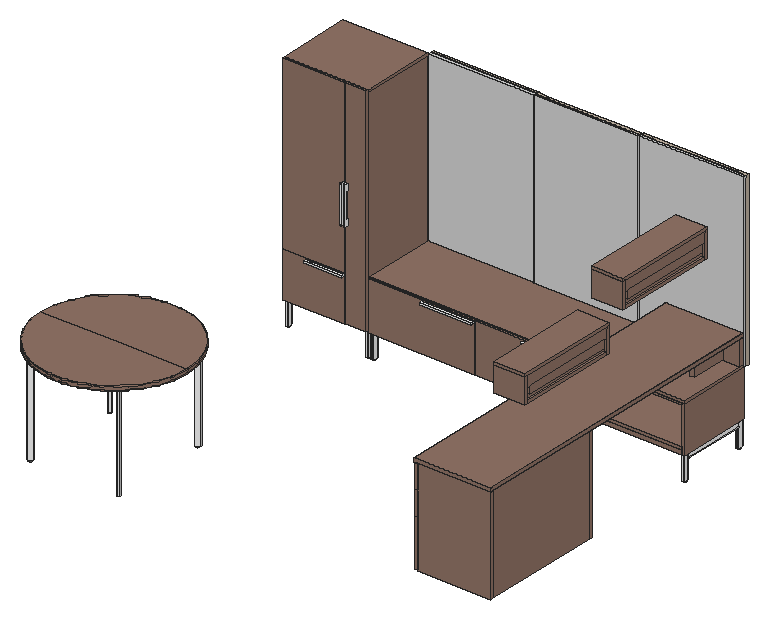
Revit family "FLV005", category Furniture, Revit 2019 (continued)
Definition of nested family "JSI-Flux-Wardrobe-Sc_Ht"
  Parameters (values of type "Type Catalog - Wb, Fls Lg, Sc Ht")
    V_Pull_R_L = if(FD, (if(L, 2 > 1, 1 > 2)), (if(F, (if(F0, (if(L, 1 > 2, 2 > 1)), 2 > 1)), 1 > 2)))  # yes
    V_Pull_L_R = if(FD, 1 > 2, (if(F, (if(F0, (if(L, 2 > 1, 1 > 2)), 2 > 1)), (if(W, (if(L, 1 > 2, (if(Width > 2' 1", 1 > 2, (if(F0, 1 > 2, 2 > 1)))))), 1 > 2)))))  # yes
    V_Pull_L_L = if(FD, 1 > 2, (if(F, 1 > 2, (if(W, (if(Width > 2' 1", (if(F0, 1 > 2, 2 > 1)), (if(L, (if(F0, 1 > 2, 2 > 1)), 1 > 2)))), 2 > 1)))))  # no
    Top_V_Void_Dist = if(W, (if(Width > 2' 1", 0' 0", 0' 2")), 0' 2")  # 0' - 2"
    Top_Pull_Dist = if(W, (if(Width > 2' 1", (if(F7, ((Width / 2) - 0' 0 7/32" - Pull_Width), ((Width / 2) - (Pull_Width / 2)))), (if(F0, (if(F1, ((Width / 2) - (Pull_Width / 2)), (if(F2, ((Width / 2) - (Pull_Width / 2)), (if(L, (0' 0 1/4" + 0' 0 1/16"), (Width - 0' 0 1/4" - 0' 0 1/16" - Pull_Width))))))), (if(L, (0' 0 1/4" + 0' 0 1/16"), (Width - 0' 0 1/4" - 0' 0 1/16" - Pull_Width))))))), (if(L, Partition Dist + 0' 0 1/16" + 0' 0 7/32", Partition Dist + 0' 0 11/16" - 0' 0 7/32" - Pull_Width)))  # 0' - 6 5/16"
    Top_Pull = if(F1, 2 > 1, (if(F2, 2 > 1, (if(F7, 2 > 1, 1 > 2)))))  # yes
    Top_2_Pull_Dist = if(W, (if(F7, (if(Width > 1' 6", ((Width / 2) + 0' 0 1/16" + 0' 0 7/32"), Width + 0' 2")), Width + 0' 2")), Width + 0' 2")  # 1' - 8 1/16"
    Top_2_Pull = if(W, (if(F7, (if(Width > 2' 1", 2 > 1, 1 > 2)), 1 > 2)), 1 > 2)  # no
    R_Vertical_Pull_Dist = if(FD, (if(L, 0' 0 1/32" + 0' 0 1/16" + 0' 0 7/32", (Width - 0' 0 1/32" - 0' 0 1/16" - 0' 0 7/32"))), L_Vertical_Pull_Dist + 0' 0 7/16" + 0' 0 1/8")  # 0' - 6 5/16"
    Pull_Width = if(Width > 2' 1", (if(F7, 0' 10 27/32", 1' 2 3/4")), 0' 10 27/32")  # 0' - 10 27/32"
    Partition = if(FD, 1 > 2, (if(W, 1 > 2, 2 > 1)))  # yes
    Legs = none
    Leg_Width = Width  # 1' - 6 1/16"
    Leg_Depth = Depth - 0' 0 1/8" - 0' 0 3/4"  # 1' - 8 15/16"
    L_Vertical_Pull_Dist = (if(W, (if(Width > 2' 1", ((Width / 2) + 0' 0 1/16" + 0' 0 7/32"), (if(L, 0' 0 1/16" + 0' 0 7/32", Width - 0' 0 1/16" - 0' 0 7/32")))), (if(L, Partition Dist - 0' 0 7/32" - 0' 0 1/16", Partition Dist + 0' 0 3/4" - 0' 0 7/32" - 0' 0 1/16"))))  # 0' - 5 3/4"
    Hngr_R = if(W, 1 > 2, (if(FD, 1 > 2, (if(L, 2 > 1, 1 > 2)))))  # yes
    Hngr_L = if(W, 1 > 2, (if(FD, 1 > 2, (if(L, 1 > 2, 2 > 1)))))  # no
    Hanger_Dist = if(L, Partition Dist + 0' 0 3/4", Partition Dist)  # 0' - 6 25/32"
    H_Void_Width = if(F, Top_Shelf_Width + 0' 1 1/2", Width)  # 1' - 0"
    H_Void_Upper_Dist = if(F0, 0' 0", 0' 2")  # 0' - 2"
    H_Void_Top_Dist = if(FD, 0' 2", 0' 0")  # 0' - 0"
    H_Void_H_Dist = if(F, (if(L, Partition Dist + 0' 0 1/16", 0' 0")), 0' 0")  # 0' - 6 3/32"
    H_Dist_V_Void = if(F, (if(L, Partition Dist - 0' 0 1/16", Partition Dist + 0' 0 3/4" - 0' 0 1/16")), (Width / 2) - 0' 0 1/16")  # 0' - 5 31/32"
    H_Dist_C_Panel = if(F, (if(L, Partition Dist - 0' 0 1/32", 0' 0")), 0' 0")  # 0' - 6"
    Top_Shelf_Width = C_Shelf_Width  # 0' - 10 1/2"
    Top_Shelf_Dist = if(Height > 5' 10", ((Height - 0' 0 5/16" - 0' 1 1/2" - 0' 1 3/16") / 6), ((Height - 0' 0 5/16" - 0' 1 1/2" - 0' 1 3/16") / 5))  # 1' - 1.24375"
    Top_Shelf_Array_Dist = if(Height > 5' 10", ((Height - 0' 0 5/16" - 0' 1 1/2" - 0' 1 3/16") / 7), ((Height - 0' 0 5/16" - 0' 1 1/2" - 0' 1 3/16") / 6))  # 0' - 11.03646"
    Top = none
    Width = 1' - 6 1/16"
    URL = "www.jsifurniture.com"
    Type Comments = ""
    TAG = if(F2, "1 Drawer", (if(Width < 2' 1", "1 Door", "2 Doors")))  # "1 Drawer"
    Shelf = none
    Series = "FLUX"  # constant formula
    Pull Finish = none
    Partition Dist = if(L, 0' 6 1/32", Width - 0' 6 1/32" - 0' 0 3/4")  # 0' - 6 1/32"
    Model = ""
    Manufacturer = "JSI"  # constant formula
    L = yes
    Keynote = "12500"
    JSI Enviromental Website = "http://www.jsifurniture.com/jsi_sustainability_intro.php"
    Height = 5' - 9 7/32"
    H_Dist_Top_Shelf = if(F, (if(L, Partition Dist + 0' 0 3/4", 0' 0 3/4" + 0' 0 1/32")), 0' 0 3/4" + 0' 0 1/32")  # 0' - 6 25/32"
    H_Dist_Bottom_Shelf = if(F, (if(L, 0' 0", Width - Bottom_Shelf_Width - 0' 0 1/16" - 0' 1 1/2")), 0' 0")  # 0' - 0"
    Glides = none
    FD = 1 > 2  # no
    F7 = no
    F2 = yes
    F1 = 1 > 2  # no
    F0 = no
    F = yes
    Door Line = if(W, (if(Width > 2' 1", (if(F0, (if(F7, 2 > 1, 1 > 2)), 2 > 1)), 1 > 2)), 1 > 2)  # no
    C_Shelf_Width = if(F, Width - 0' 6 1/32" - 0' 1 1/2" - 0' 0 1/32", Width - 0' 0 1/16" - 0' 1 1/2")  # 0' - 10 1/2"
    C_Pull_Dist = Top_Pull_Dist  # 0' - 6 5/16"
    C_Pull = if(F1, 2 > 1, 1 > 2)  # no
    Bottom_Shelf_Width = if(F, 0' 5 1/4", (Width - 0' 0 1/16" - 0' 1 1/2"))  # 0' - 5 1/4"
    Bottom_Shelf_V_Dist = Bottom_Shelf_ Dist + 0' 1 3/8"  # 1' - 1 31/32"
    Bottom_Shelf_ Dist = if(FD, 1' 7", 1' 0 19/32")  # 1' - 0 19/32"
    Bottom_Pull_Dist = Top_Pull_Dist  # 0' - 6 5/16"
    Bottom Pull = if(F1, 2 > 1, (if(F2, 2 > 1, 1 > 2)))  # yes
    Back Panel = none
    Door Front = none
    Description = ""
    Depth = 1' - 9 13/16"
    Chassis = none
    Assembly Code = "E2020200"
    # of Top Shelf = if(Height > 5' 10", 4, 3)  # 3
  Reference planes (in)
    plane 1: z = 0
    plane 2 "Center (Left/Right)": x = -36.06413
    plane 3 "Center (Front/Back)": y = 10.75
    plane 4: x = -18.00163
    plane 5: x = -36.03288
    plane 6: x = -18.03288
    plane 7: y = 10.71875
    plane 8: y = -10.28125
    plane 9: x = -35.28288
    plane 10: x = -18.78288
    plane 11: x = -27.03288
    plane 12: z = 69.21875
    plane 13: z = 7.1875
    plane 14: z = 7.1875
    plane 15: z = 7.9375
    plane 16: z = 68.46875
    plane 17: y = 10.65625
    plane 18: y = 9.90625
    plane 19: y = -10.25
    plane 20: x = -34.28288
    plane 21: x = -19.78288
    plane 22: y = -9.25
    plane 23: y = 8.90625
    plane 24: y = -11.0625
    plane 25: z = 7.3125
    plane 26: x = -35.97038
    plane 27: x = -18.09538
    plane 28: x = -27.09538
    plane 29: x = -26.97038
    plane 30: z = 69.09375
    plane 31: z = 19.78125
    plane 32: z = 20.53125
    plane 33: z = 21.53125
    plane 34: z = 21.90625
    plane 35: z = 21.15625
    plane 36: z = 68.46875
    plane 37: z = 67.71875
    plane 38: y = -10.3125
    plane 39: y = -10.3125
    plane 40: y = -11.3125
    plane 41: y = -10.3125
    plane 42: y = -11.3125
    plane 43: z = 20.21875
    plane 44: z = 20.34375
    plane 45: x = -30.03288
    plane 46: x = -29.28288
    plane 47: x = -30.09538
    plane 48: x = -29.97038
    plane 49: x = -29.97038
    plane 50: x = -17.97038
    plane 51: y = -12.3125
    plane 52: y = -13.3125
    plane 53: x = -29.28288
    plane 54: y = 0.25
    plane 55: z = 65.59375
    plane 56: x = -29.75163
    plane 57: x = -29.75163
    plane 58: x = -29.75163
    plane 59: z = 20.01563
    plane 60: x = -30.31413
    plane 61: x = -29.75163
    plane 62: z = 38.20313
    plane 63: x = -16.00163
    plane 64: y = -12.3125
    plane 65: y = -13.3125
  Forms (in)
    Extrusion 1, solid, material <- "Chassis"
      sketch origin (0, 0, 0) x (1, 0, 0) y (0, 1, 0)
        loop
          line (-36.03288, 10.71875) -> (-36.03288, -10.25) -> (-35.28288, -10.25) -> (-35.28288, 10.71875) -> (-36.03288, 10.71875)
      from 7.1875 to 68.46875
    Extrusion 2, solid, material <- "Chassis"
      sketch origin (0, 0, 0) x (1, 0, 0) y (0, 1, 0)
        loop
          line (-18.03288, 10.71875) -> (-18.78288, 10.71875) -> (-18.78288, -10.25) -> (-18.03288, -10.25) -> (-18.03288, 10.71875)
      from 7.1875 to 68.46875
    Extrusion 3, solid, material <- "Back Panel"
      sketch origin (0, 0, 0) x (1, 0, 0) y (0, 1, 0)
        loop
          line (-18.78288, 10.65625) -> (-35.28288, 10.65625) -> (-35.28288, 9.90625) -> (-18.78288, 9.90625) -> (-18.78288, 10.65625)
      from 7.1875 to 68.46875
    Extrusion 4, solid, material <- "Top"
      sketch origin (0, 0, 0) x (0, 1, 0) y (0, 0, 1)
        loop
          line (10.75, 69.21875) -> (-10.28125, 69.21875) -> (-10.28125, 68.46875) -> (10.75, 68.46875) -> (10.75, 69.21875)
      from -36.06413 to -18.00163
    Extrusion 5, solid, material <- "Shelf"
      sketch origin (0, 0, 0) x (0, 1, 0) y (0, 0, 1)
        loop
          line (9.90625, 7.1875) -> (9.90625, 7.9375) -> (-10.25, 7.9375) -> (-10.25, 7.1875) -> (9.90625, 7.1875)
      from -35.28288 to -18.78288
    Extrusion 6, solid, material <- "Shelf"
      sketch origin (0, 0, 0) x (1, 0, 0) y (0, 0, 1)
        loop
          line (-29.28288, 19.78125) -> (-18.78288, 19.78125) -> (-18.78288, 20.53125) -> (-29.28288, 20.53125) -> (-29.28288, 19.78125)
      from -9.90625 to 10.25
    Extrusion 7, solid, material <- "Shelf"
      sketch origin (2.625, 0, 0) x (1, 0, 0) y (0, 0, 1)
        loop
          line (-37.90788, 21.15625) -> (-32.65788, 21.15625) -> (-32.65788, 21.90625) -> (-37.90788, 21.90625) -> (-37.90788, 21.15625)
      from -9.90625 to 10.25
    Extrusion 8, solid, material <- "Shelf"
      sketch origin (5, 0, -12.49375) x (1, 0, 0) y (0, 0, 1)
        loop
          line (-34.28288, 68.46875) -> (-34.28288, 67.71875) -> (-23.78288, 67.71875) -> (-23.78288, 68.46875) -> (-34.28288, 68.46875)
      from -9.90625 to 9.25
    Extrusion 9, solid, material <- "Shelf"
      sketch origin (5, 0, -23.53021) x (1, 0, 0) y (0, 0, 1)
        loop
          line (-34.28288, 68.46875) -> (-34.28288, 67.71875) -> (-23.78288, 67.71875) -> (-23.78288, 68.46875) -> (-34.28288, 68.46875)
      from -9.90625 to 9.25
    Extrusion 10, solid, material <- "Door Front"
      sketch origin (0, 0, 0) x (1, 0, 0) y (0, 1, 0)
        loop
          line (-35.97038, -10.3125) -> (-35.97038, -11.0625) -> (-18.09538, -11.0625) -> (-18.09538, -10.3125) -> (-35.97038, -10.3125)
      from 7.3125 to 69.09375
    Extrusion 11, solid, material <- "Chassis", visible <- "Partition"
      sketch origin (0, 0, 0) x (1, 0, 0) y (0, 1, 0)
        loop
          line (-30.03288, 9.90625) -> (-30.03288, -10.25) -> (-29.28288, -10.25) -> (-29.28288, 9.90625) -> (-30.03288, 9.90625)
      from 7.9375 to 68.46875
    Extrusion 12, void
      sketch origin (0, 0, 0) x (1, 0, 0) y (0, 1, 0)
        loop
          line (-30.09538, -10.3125) -> (-30.09538, -11.3125) -> (-29.97038, -11.3125) -> (-29.97038, -10.3125) -> (-30.09538, -10.3125)
      from 7.1875 to 69.21875
    Extrusion 13, void
      sketch origin (0, 0, 0) x (1, 0, 0) y (0, 0, 1)
        loop
          line (-29.97038, 20.21875) -> (-17.97038, 20.21875) -> (-17.97038, 20.34375) -> (-29.97038, 20.34375) -> (-29.97038, 20.21875)
      from 10.3125 to 11.3125
    Extrusion 14, void
      sketch origin (0, 0, 0) x (1, 0, 0) y (0, 0, 1)
        loop
          line (-29.97038, 69.21875) -> (-29.97038, 20.34375) -> (-17.97038, 20.34375) -> (-17.97038, 69.21875) -> (-29.97038, 69.21875)
      from 12.3125 to 13.3125
    Extrusion 15, void
      sketch origin (0, 0, 0) x (1, 0, 0) y (0, 1, 0)
        loop
          line (-30.09538, -12.3125) -> (-30.09538, -13.3125) -> (-29.97038, -13.3125) -> (-29.97038, -12.3125) -> (-30.09538, -12.3125)
      from 20.21875 to 69.21875
    Extrusion 16, solid, material <- "Shelf"
      sketch origin (5, 0, -34.56667) x (1, 0, 0) y (0, 0, 1)
        loop
          line (-34.28288, 68.46875) -> (-34.28288, 67.71875) -> (-23.78288, 67.71875) -> (-23.78288, 68.46875) -> (-34.28288, 68.46875)
      from -9.90625 to 9.25
  Cuts and joins
    Extrusion 12, Extrusion 13, Extrusion 14, Extrusion 15 cuts Extrusion 10
  Lines and regions (in)
    symbolic lines
      curve 1: line (-36.06413, 10.75, 0) -> (-36.06413, -10.28125, 0)
      curve 2: line (-18.00163, 10.75, 0) -> (-36.06413, 10.75, 0)
      curve 3: line (-18.00163, -10.28125, 0) -> (-36.06413, -10.28125, 0)
      curve 4: line (-18.00163, 10.75, 0) -> (-18.00163, -10.28125, 0)
      curve 15: line (-35.97038, -10.3125, 0) -> (-35.97038, -11.0625, 0)
      curve 16: line (-18.09538, -10.3125, 0) -> (-29.97038, -10.3125, 0)
      curve 17: line (-18.09538, -11.0625, 0) -> (-29.97038, -11.0625, 0)
      curve 18: line (-18.09538, -10.3125, 0) -> (-18.09538, -11.0625, 0)
      curve 21: line (-30.09538, -10.3125, 0) -> (-35.97038, -10.3125, 0)
      curve 22: line (-30.09538, -11.0625, 0) -> (-35.97038, -11.0625, 0)
      curve 29: line (45.63504, 0, 21) -> (-60, 0, 21)
    symbolic lines, detail levels medium+fine
      curve 5: line (-36.03288, 10.71875, 0) -> (-36.03288, -10.25, 0)
      curve 6: line (-35.28288, 10.71875, 0) -> (-35.28288, -10.25, 0)
      curve 7: line (-18.78288, 10.71875, 0) -> (-18.78288, -10.25, 0)
      curve 8: line (-18.03288, 10.71875, 0) -> (-18.03288, -10.25, 0)
      curve 9: line (-35.28288, 10.71875, 0) -> (-36.03288, 10.71875, 0)
      curve 10: line (-35.28288, -10.25, 0) -> (-36.03288, -10.25, 0)
      curve 11: line (-18.03288, 10.71875, 0) -> (-18.78288, 10.71875, 0)
      curve 12: line (-18.03288, -10.25, 0) -> (-18.78288, -10.25, 0)
      curve 13: line (-18.78288, 10.65625, 0) -> (-35.28288, 10.65625, 0)
      curve 14: line (-18.78288, 9.90625, 0) -> (-35.28288, 9.90625, 0)
    symbolic lines, visible <- "F"
      curve 19: line (-30.09538, -10.3125, 0) -> (-30.09538, -11.0625, 0)
      curve 20: line (-29.97038, -10.3125, 0) -> (-29.97038, -11.0625, 0)
    symbolic lines, visible <- "FD"
      curve 23: line (-30.09538, -10.3125, 0) -> (-29.97038, -10.3125, 0)
      curve 24: line (-30.09538, -11.0625, 0) -> (-29.97038, -11.0625, 0)
    symbolic lines, visible <- "Door Line"
      curve 25: line (-30.09538, -10.3125, 0) -> (-30.09538, -11.0625, 0)
      curve 26: line (-29.97038, -10.3125, 0) -> (-29.97038, -11.0625, 0)
    symbolic lines, visible <- "W"
      curve 27: line (-30.09538, -11.0625, 0) -> (-29.97038, -11.0625, 0)
      curve 28: line (-30.09538, -10.3125, 0) -> (-29.97038, -10.3125, 0)
  Dimensions and locks (in)
    locked: plane 2 "Center (Left/Right)" to plane 5 at 0.03125
    locked: plane 6 to plane 4 at 0.03125
    "Width": plane 2 "Center (Left/Right)" to plane 4
    locked: plane 7 to plane 3 "Center (Front/Back)" at 0.03125
    locked: plane 5 to plane 9 at 0.75
    locked: plane 10 to plane 6 at 0.75
    equal spacing: plane 2 "Center (Left/Right)", plane 11, plane 4
    "Height": plane 12 to plane 1
    locked: plane 12 to plane 16 at 0.75
    plane 13 to plane 1 = 0' - 7 3/16"
    locked: plane 15 to plane 14 at 0.75
    plane 18 to plane 17 to plane 7 = 0' - 0 3/4" locked, 0' - 0 1/16" locked
    plane 38 to plane 8 to plane 19 = 0' - 0 1/32", 0' - 0 1/32"
    locked: plane 9 to plane 20 at 1
    locked: plane 21 to plane 10 at 1
    locked: plane 19 to plane 22 at 1
    locked: plane 23 to plane 18 at 1
    locked: curve 5 to curve 6 at 0.75
    locked: curve 7 to curve 8 at 0.75
    locked: plane 25 to plane 13 at 0.125
    locked: plane 5 to plane 26 at 0.0625
    locked: plane 27 to plane 6 at 0.0625
    plane 28 to plane 11 to plane 29 = 0' - 0 1/16" locked, 0' - 0 1/16" locked
    locked: plane 12 to plane 30 at 0.125
    locked: plane 32 to plane 31 at 0.75
    "Bottom_Shelf_ Dist": plane 32 to plane 15
    plane 34 to plane 33 to plane 35 = 0' - 0 3/8" locked, 0' - 0 3/8" locked
    locked: plane 36 to plane 37 at 0.75
    locked: plane 24 to plane 38 at 0.75
    "Depth": plane 24 to plane 3 "Center (Front/Back)"
    "C_Shelf_Width": Extrusion 6 sketch curve to Extrusion 6 sketch curve
    "Bottom_Shelf_Width": Extrusion 7 sketch curve to Extrusion 7 sketch curve
    "H_Dist_Bottom_Shelf": Extrusion 7 to plane 9
    "H_Dist_C_Panel": Extrusion 6 to plane 9
    "Top_Shelf_Width": Extrusion 8 sketch curve to Extrusion 8 sketch curve
    locked: Extrusion 8 sketch curve to Extrusion 8 sketch curve at 0.75
    "Top_Shelf_Width": Extrusion 9 sketch curve to Extrusion 9 sketch curve
    locked: Extrusion 9 sketch curve to Extrusion 9 sketch curve at 0.75
    equal spacing: group 1, group 2, group 3  (x2)
    equal spacing: group 3, group 2, group 1
    "H_Dist_Top_Shelf": Extrusion 8 to plane 2 "Center (Left/Right)"
    "Top_Shelf_Dist": plane 12 to Extrusion 8
    "Top_Shelf_Array_Dist": Extrusion 8 to Extrusion 9
    locked: plane 32 to plane 43 at 0.3125
    locked: plane 44 to plane 43 at 0.125
    locked: plane 45 to plane 46 at 0.75
    "Partition Dist": plane 2 "Center (Left/Right)" to plane 45
    locked: plane 47 to plane 48 at 0.125
    "H_Dist_V_Void": plane 2 "Center (Left/Right)" to plane 47
    "H_Void_Width": plane 49 to plane 50
    "H_Void_H_Dist": plane 2 "Center (Left/Right)" to plane 49
    "V_Void_Dist": plane 39 to plane 38
    "H_Void_Top_Dist": plane 41 to plane 38
    locked: plane 40 to plane 39 at 1
    locked: plane 42 to plane 41 at 1
    locked: plane 52 to plane 51 at 1
    "H_Void_Upper_Dist": plane 51 to plane 38
    equal spacing: plane 19, plane 54, plane 3 "Center (Front/Back)"
    locked: plane 12 to plane 55 at 3.625
    "Hanger_Dist": plane 2 "Center (Left/Right)" to plane 53
    locked: plane 43 to plane 59 at 0.20313
    "Top_Pull_Dist": plane 2 "Center (Left/Right)" to plane 56
    "C_Pull_Dist": plane 2 "Center (Left/Right)" to plane 57
    "Bottom_Pull_Dist": plane 2 "Center (Left/Right)" to plane 58
    equal spacing: plane 12, plane 62, plane 13
    "L_Vertical_Pull_Dist": plane 2 "Center (Left/Right)" to plane 60
    "R_Vertical_Pull_Dist": plane 2 "Center (Left/Right)" to plane 61
    "Top_2_Pull_Dist": plane 2 "Center (Left/Right)" to plane 63
    locked: plane 65 to plane 64 at 1
    "Top_V_Void_Dist": plane 64 to plane 41
    "Top_Shelf_Width": Extrusion 16 sketch curve to Extrusion 16 sketch curve
    locked: Extrusion 16 sketch curve to Extrusion 16 sketch curve at 0.75
    "Bottom_Shelf_V_Dist": plane 34 to plane 15
    aligned and locked: level to plane 1
    aligned and locked: Extrusion 1 sketch curve to plane 5
    aligned and locked: Extrusion 1 sketch curve to plane 9
    aligned and locked: Extrusion 1 sketch curve to plane 7
    aligned and locked: Extrusion 2 sketch curve to plane 7
    aligned and locked: Extrusion 2 sketch curve to plane 6
    aligned and locked: Extrusion 2 sketch curve to plane 10
    aligned and locked: Extrusion 3 sketch curve to plane 17
    aligned and locked: Extrusion 3 sketch curve to plane 18
    aligned and locked: Extrusion 3 sketch curve to plane 9
    aligned and locked: Extrusion 3 sketch curve to plane 10
    aligned and locked: plane 16 to Extrusion 3
    aligned and locked: plane 3 "Center (Front/Back)" to Extrusion 4 sketch curve
    aligned and locked: plane 12 to Extrusion 4 sketch curve
    aligned and locked: plane 16 to Extrusion 4 sketch curve
    aligned and locked: plane 8 to Extrusion 4 sketch curve
    aligned and locked: Extrusion 4 to plane 2 "Center (Left/Right)"
    aligned and locked: plane 4 to Extrusion 4
    aligned and locked: Extrusion 3 to plane 13
    aligned and locked: plane 14 to Extrusion 5 sketch curve
    aligned and locked: plane 15 to Extrusion 5 sketch curve
    aligned and locked: plane 18 to Extrusion 5 sketch curve
    aligned and locked: plane 19 to Extrusion 5 sketch curve
    aligned and locked: Extrusion 5 to plane 9
    aligned and locked: plane 10 to Extrusion 5
    aligned and locked: plane 11 to nested 1
    aligned and locked: curve 1 to plane 2 "Center (Left/Right)"
    aligned and locked: curve 2 to plane 3 "Center (Front/Back)"
    aligned and locked: curve 4 to plane 4
    aligned and locked: curve 9 to plane 7
    aligned and locked: curve 11 to plane 7
    aligned and locked: curve 5 to plane 5
    aligned and locked: curve 7 to plane 10
    aligned and locked: plane 9 to curve 14
    aligned and locked: plane 10 to curve 13
    aligned and locked: plane 10 to curve 14
    aligned and locked: plane 24 to nested 1
    aligned and locked: plane 8 to Extrusion 4
    aligned and locked: plane 19 to Extrusion 1
    aligned and locked: curve 10 to plane 19
    aligned and locked: curve 12 to plane 19
    aligned and locked: plane 19 to Extrusion 2
    aligned and locked: Extrusion 6 sketch curve to plane 31
    aligned and locked: Extrusion 6 sketch curve to plane 32
    aligned and locked: Extrusion 6 to plane 18
    aligned and locked: plane 19 to Extrusion 6
    aligned and locked: Extrusion 7 sketch curve to plane 35
    aligned and locked: Extrusion 7 sketch curve to plane 34
    aligned and locked: Extrusion 8 to plane 18
    aligned and locked: plane 22 to Extrusion 8
    aligned and locked: Extrusion 8 to Extrusion 9
    aligned and locked: Extrusion 10 sketch curve to plane 26
    aligned and locked: Extrusion 10 sketch curve to plane 38
    aligned and locked: Extrusion 10 sketch curve to plane 24
    aligned and locked: Extrusion 10 sketch curve to plane 27
    aligned and locked: Extrusion 10 to plane 25
    aligned and locked: plane 30 to Extrusion 10
    aligned and locked: Extrusion 11 sketch curve to plane 45
    aligned and locked: Extrusion 11 sketch curve to plane 46
    aligned and locked: Extrusion 11 sketch curve to plane 18
    aligned and locked: Extrusion 11 sketch curve to plane 19
    aligned and locked: Extrusion 11 to plane 15
    aligned and locked: plane 16 to Extrusion 11
    aligned and locked: Extrusion 7 to plane 18
    aligned and locked: plane 19 to Extrusion 7
    aligned and locked: Extrusion 12 sketch curve to plane 47
    aligned and locked: Extrusion 12 sketch curve to plane 48
    aligned and locked: Extrusion 12 sketch curve to plane 39
    aligned and locked: Extrusion 12 sketch curve to plane 40
    aligned and locked: Extrusion 12 to plane 13
    aligned and locked: plane 12 to Extrusion 12
    aligned and locked: Extrusion 13 sketch curve to plane 43
    aligned and locked: Extrusion 13 sketch curve to plane 44
    aligned and locked: Extrusion 13 sketch curve to plane 49
    aligned and locked: Extrusion 13 sketch curve to plane 50
    aligned and locked: plane 42 to Extrusion 13
    aligned and locked: Extrusion 13 to plane 41
    aligned and locked: Extrusion 14 sketch curve to plane 12
    aligned and locked: Extrusion 14 sketch curve to plane 49
    aligned and locked: Extrusion 14 sketch curve to plane 50
    aligned and locked: Extrusion 14 sketch curve to plane 44
    aligned and locked: plane 52 to Extrusion 14
    aligned and locked: Extrusion 14 to plane 51
    aligned and locked: plane 53 to nested 2
    aligned and locked: plane 55 to nested 2
    aligned and locked: plane 54 to nested 2
    aligned and locked: nested 3 to plane 56
    aligned and locked: plane 59 to nested 3
    aligned and locked: plane 62 to nested 4
    aligned and locked: plane 60 to nested 4
    aligned and locked: plane 62 to nested 5
    aligned and locked: plane 61 to nested 5
    aligned and locked: plane 24 to nested 3
    aligned and locked: plane 24 to nested 4
    aligned and locked: plane 24 to nested 5
    aligned and locked: plane 16 to Extrusion 1
    aligned and locked: plane 16 to Extrusion 2
    aligned and locked: curve 15 to plane 26
    aligned and locked: curve 16 to plane 38
    aligned and locked: curve 17 to plane 24
    aligned and locked: curve 18 to plane 27
    aligned and locked: plane 48 to curve 24
    aligned and locked: plane 38 to curve 23
    aligned and locked: plane 24 to curve 24
    aligned and locked: plane 59 to nested 6
    aligned and locked: nested 6 to plane 63
    aligned and locked: Extrusion 15 sketch curve to plane 47
    aligned and locked: Extrusion 15 sketch curve to plane 48
    aligned and locked: Extrusion 15 sketch curve to plane 64
    aligned and locked: Extrusion 15 sketch curve to plane 65
    aligned and locked: plane 12 to Extrusion 15
    aligned and locked: Extrusion 15 to plane 43
    aligned and locked: curve 25 to plane 47
    aligned and locked: curve 26 to plane 48
    aligned and locked: plane 38 to curve 26
    aligned and locked: plane 24 to curve 26
    aligned and locked: plane 24 to curve 27
    aligned and locked: plane 38 to curve 28
    aligned and locked: Extrusion 1 to plane 13
    aligned and locked: Extrusion 2 to plane 13
    aligned and locked: plane 11 to nested 7
    aligned and locked: nested 7 to plane 54
    aligned and locked: plane 13 to nested 7
    aligned and locked: nested 7 to plane 1
    aligned and locked: plane 13 to plane 14
  Automatic sketch dimensions
    plane 19 to Extrusion 1 sketch curve = 0' - 0"
    plane 19 to Extrusion 2 sketch curve = 0' - 0"
    plane 8 to curve 4 = 0' - 0"
    plane 18 to curve 14 = 0' - 0"
    plane 17 to curve 13 = 0' - 0"
    Extrusion 6 sketch curve to plane 46 = 0' - 0"
    Extrusion 7 sketch curve to plane 9 = 0' - 0"
  Nested families (in)
    nested 1: "Label 1-16" at (-27.03288, -11.0625, 0), type "DRWCFG"
    nested 2: "Hanger" at (-32.52501, 0.25, 65.59375), Hngr L <- "Hngr_L", Hngr R <- "Hngr_R", Hanger Finish <- "Pull Finish", type "HNGR"
      with Hngr R yes, Hngr L no, Hanger Finish none
    nested 3: "Bar Pull CL" at (-27.57189, -11.0625, 20.01563), visible <- "Top_Pull", Pull Line <- "Top_Pull", Pull Finish <- "Pull Finish", type "PL"
      with Pull Line yes, Pull Finish none, Stud 0' - 1.54911", Pull Width 0' - 10 27/32"
    nested 4: "Bar Pull V" at (-33.55626, -11.0625, 38.20313), Pull R <- "V_Pull_L_R", Pull L <- "V_Pull_L_L", Pull Finish <- "Pull Finish", type "PL"
      with Pull R yes, Pull L no, Pull Finish none, Tuks Width 0' - 1.80729", Pull Width 0' - 10 27/32"
    nested 5: "Bar Pull V" at (-32.99376, -11.0625, 38.20313), Pull R <- "V_Pull_R_R", Pull L <- "V_Pull_R_L", Pull Finish <- "Pull Finish", type "PL"
      with Pull R no, Pull L yes, Pull Finish none, Tuks Width 0' - 1.80729", Pull Width 0' - 10 27/32"
    nested 6: "Bar Pull CL" at (-13.82189, -11.0625, 20.01563), Pull Finish <- "Pull Finish", visible <- "Top_2_Pull", Pull Line <- "Top_2_Pull", type "PL"
      with Pull Line no, Pull Finish none, Stud 0' - 1.54911", Pull Width 0' - 10 27/32"
    nested 7: "LEGS" at (-36.06413, 10.71875, 0), LEGS <- "Legs", GLIDES <- "Glides", Width <- "Leg_Width", Depth <- "Leg_Depth", type "LG"
      with Width 1' - 6 1/16", LG yes, LEGS none, GLIDES none, Depth 1' - 8 15/16"
  Definition of nested family "Hanger"
    Parameters
      Hngr L [instance] = yes
      Hngr R [instance] = yes
      Hanger Finish [instance] = none
    Reference planes (in)
      plane 1 "Center Front/Back": y = 0
      plane 2: z = 0
      plane 3 "Center Left/Right": x = 3.24213
    Forms (in)
      Extrusion 1, solid, material <- "Hanger Finish", visible <- "Hngr R"
        sketch origin (0, 0, -65.69959) x (1, 0, 0) y (0, 0, 1)
          loop
            line (3.24213, 65.32459) -> (3.24213, 63.58858)
            arc (3.24213, 63.58858) -> (3.7521, 62.87944) -> (4.58667, 63.13722) r 0.74803
            line (4.58667, 63.13722) -> (4.85512, 63.492) -> (4.73078, 63.58608) -> (4.45513, 63.2218)
            arc (4.45513, 63.2218) -> (3.83, 63.04103) -> (3.47835, 63.58858) r 0.54433
            line (3.47835, 63.58858) -> (3.55698, 64.7131)
            arc (3.55698, 64.7131) -> (3.65039, 65.09816) -> (3.86566, 65.43082) r 1.18359
            line (3.86566, 65.43082) -> (3.6823, 65.63583) -> (3.37377, 65.35987)
            arc (3.37377, 65.35987) -> (3.31215, 65.32654) -> (3.24213, 65.32459) r 0.15109
        from -0.46747 to 0.46747
      Extrusion 2, void
        sketch origin (3.24213, 0, -65.69959) x (0, 1, 0) y (0, 0, 1)
          loop
            line (0.46747, 65.91904) -> (0.30479, 62.81504) -> (0.46747, 62.81504) -> (0.46747, 65.91904)
          loop
            line (-0.46747, 65.91904) -> (-0.46747, 62.81504) -> (-0.30479, 62.81504) -> (-0.46747, 65.91904)
        from -1.75548 to 1.75581
      Extrusion 3, solid, material <- "Hanger Finish", visible <- "Hngr L"
        sketch origin (6.48425, 0, -65.69959) x (-1, 0, 0) y (0, 0, -1)
          loop
            arc (3.24213, -65.32459) -> (3.31215, -65.32654) -> (3.37377, -65.35987) r 0.15109
            line (3.37377, -65.35987) -> (3.6823, -65.63583) -> (3.86566, -65.43082)
            arc (3.86566, -65.43082) -> (3.65039, -65.09816) -> (3.55698, -64.7131) r 1.18359
            line (3.55698, -64.7131) -> (3.47835, -63.58858)
            arc (3.47835, -63.58858) -> (3.83, -63.04103) -> (4.45513, -63.2218) r 0.54433
            line (4.45513, -63.2218) -> (4.73078, -63.58608) -> (4.85512, -63.492) -> (4.58667, -63.13722)
            arc (4.58667, -63.13722) -> (3.7521, -62.87944) -> (3.24213, -63.58858) r 0.74803
            line (3.24213, -63.58858) -> (3.24213, -65.32459)
        from -0.46747 to 0.46747
    Cuts and joins
      Extrusion 2 cuts Extrusion 3
      Extrusion 2 cuts Extrusion 1
    Dimensions and locks (in)
      aligned and locked: level to plane 2
  Definition of nested family "Bar Pull CL"
    Parameters
      Stud = Pull Width / 7  # 0' - 2.12054"
      Pull Width = 1' - 2 27/32"
      Pull Line [instance] = yes
      Pull Finish [instance] = none
    Reference planes (in)
      plane 1 "Center Front/Back": y = 0
      plane 2: z = 0
      plane 3 "Center Left/Right": x = 3.24213
    Forms (in)
      Extrusion 1, solid, material <- "Pull Finish"
        sketch origin (0, 0, 0) x (1, 0, 0) y (0, 1, 0)
          loop
            line (-4.17975, 0) -> (-4.17975, -0.85113)
            arc (-4.17975, -0.85113) -> (-4.15229, -0.91742) -> (-4.086, -0.94488) r 0.09375
            line (-4.086, -0.94488) -> (10.58526, -0.94488)
            arc (10.58526, -0.94488) -> (10.64094, -0.92182) -> (10.664, -0.86614) r 0.07874
            line (10.664, -0.86614) -> (10.664, 0) -> (8.54347, 0) -> (8.54347, -0.70177)
            arc (8.54347, -0.70177) -> (8.50685, -0.79016) -> (8.41847, -0.82677) r 0.125
            line (8.41847, -0.82677) -> (-1.93421, -0.82677)
            arc (-1.93421, -0.82677) -> (-2.0226, -0.79016) -> (-2.05921, -0.70177) r 0.125
            line (-2.05921, -0.70177) -> (-2.05921, 0) -> (-4.17975, 0)
        from -0.43307 to -0.11811
      Extrusion 2, solid, material <- "Pull Finish"
        sketch origin (0, 0, 0) x (1, 0, 0) y (0, 1, 0)
          loop
            line (-4.17975, 0) -> (-4.17975, -0.85113)
            arc (-4.17975, -0.85113) -> (-4.15229, -0.91742) -> (-4.086, -0.94488) r 0.09375
            line (-4.086, -0.94488) -> (10.58526, -0.94488)
            arc (10.58526, -0.94488) -> (10.64094, -0.92182) -> (10.664, -0.86614) r 0.07874
            line (10.664, -0.86614) -> (10.664, 0) -> (-4.17975, 0)
        from 0 to -0.11811
    Cuts and joins
      joined: Extrusion 1, Extrusion 2
    Lines and regions (in)
      symbolic lines, visible <- "Pull Line"
        curve 1: line (-4.17975, 0, 0) -> (-4.17975, -0.85113, 0)
        curve 2: line (10.664, -0.86614, 0) -> (10.664, 0, 0)
        curve 3: line (-4.086, -0.94488, 0) -> (10.58526, -0.94488, 0)
        curve 4: arc (-4.17975, -0.85113, 0) -> (-4.15229, -0.91742, 0) -> (-4.086, -0.94488, 0) r 0.09375
        curve 5: arc (10.58526, -0.94488, 0) -> (10.64094, -0.92182, 0) -> (10.664, -0.86614, 0) r 0.07874
    Dimensions and locks (in)
      equal spacing: Extrusion 1 sketch curve, plane 3 "Center Left/Right", Extrusion 1 sketch curve
      "Stud": Extrusion 1 sketch curve to Extrusion 1 sketch curve  (x2)
      "Pull Width": Extrusion 1 sketch curve to Extrusion 1 sketch curve
      aligned and locked: level to plane 2
      aligned and locked: Extrusion 2 sketch curve to Extrusion 1  (x2)
      aligned and locked: cut or joined group of Extrusion 1, Extrusion 2 to curve 1
      aligned and locked: curve 4 to cut or joined group of Extrusion 1, Extrusion 2
      aligned and locked: curve 5 to cut or joined group of Extrusion 1, Extrusion 2
      aligned and locked: plane 1 "Center Front/Back" to curve 1
      aligned and locked: plane 1 "Center Front/Back" to curve 2
    Automatic sketch dimensions
      plane 1 "Center Front/Back" to Extrusion 2 sketch curve = 0' - 0"
      plane 1 "Center Front/Back" to Extrusion 1 sketch curve = 0' - 0"  (x2)
      Extrusion 1 sketch curve to Extrusion 1 sketch curve = 0' - 0 3/32"
      Extrusion 1 sketch curve to Extrusion 1 sketch curve = 0' - 0 1/8"  (x2)
      Extrusion 1 sketch curve to Extrusion 1 sketch curve = 0' - 0.07874"
      plane 1 "Center Front/Back" to Extrusion 1 sketch curve = 0' - 0.70177"
      Extrusion 1 sketch curve to Extrusion 1 sketch curve = 0' - 0.85113"
  Definition of nested family "Bar Pull V"
    Parameters
      Tuks Width = Pull Width / 6  # 0' - 2.47917"
      Pull Width = 1' - 2 7/8"
      Pull R [instance] = yes
      Pull L [instance] = yes
      Pull Finish [instance] = none
    Reference planes (in)
      plane 1 "Center Front/Back": y = 0
      plane 2: z = 0
      plane 3 "Center Left/Right": x = 3.24213
      plane 4: z = 7.4375
      plane 5: z = -7.4375
      plane 6: z = 4.95833
      plane 7: z = -4.95833
    Forms (in)
      Extrusion 1, solid, material <- "Pull Finish", visible <- "Pull R"
        sketch origin (3.24213, 0, 3.24963) x (0, 0, -1) y (0, 1, 0)
          loop
            line (-4.18787, 0) -> (-4.18787, -0.85113)
            arc (-4.18787, -0.85113) -> (-4.16041, -0.91742) -> (-4.09412, -0.94488) r 0.09375
            line (-4.09412, -0.94488) -> (10.60839, -0.94488)
            arc (10.60839, -0.94488) -> (10.66407, -0.92182) -> (10.68713, -0.86614) r 0.07874
            line (10.68713, -0.86614) -> (10.68713, 0) -> (8.20796, 0) -> (8.20796, -0.70177)
            arc (8.20796, -0.70177) -> (8.17135, -0.79016) -> (8.08296, -0.82677) r 0.125
            line (8.08296, -0.82677) -> (-1.5837, -0.82677)
            arc (-1.5837, -0.82677) -> (-1.67209, -0.79016) -> (-1.7087, -0.70177) r 0.125
            line (-1.7087, -0.70177) -> (-1.7087, 0) -> (-4.18787, 0)
        from -0.43307 to -0.11811
      Extrusion 2, solid, material <- "Pull Finish", visible <- "Pull R"
        sketch origin (3.24213, 0, 3.24963) x (0, 0, -1) y (0, 1, 0)
          loop
            line (-4.18787, 0) -> (-4.18787, -0.85113)
            arc (-4.18787, -0.85113) -> (-4.16041, -0.91742) -> (-4.09412, -0.94488) r 0.09375
            line (-4.09412, -0.94488) -> (10.60839, -0.94488)
            arc (10.60839, -0.94488) -> (10.66407, -0.92182) -> (10.68713, -0.86614) r 0.07874
            line (10.68713, -0.86614) -> (10.68713, 0) -> (-4.18787, 0)
        from 0 to -0.11811
      Extrusion 3, solid, material <- "Pull Finish", visible <- "Pull L"
        sketch origin (3.24213, 0, 3.24963) x (0, 0, -1) y (0, -1, 0)
          loop
            line (-4.18787, 0) -> (-1.7087, 0) -> (-1.7087, 0.70177)
            arc (-1.7087, 0.70177) -> (-1.67209, 0.79016) -> (-1.5837, 0.82677) r 0.125
            line (-1.5837, 0.82677) -> (8.08296, 0.82677)
            arc (8.08296, 0.82677) -> (8.17135, 0.79016) -> (8.20796, 0.70177) r 0.125
            line (8.20796, 0.70177) -> (8.20796, 0) -> (10.68713, 0) -> (10.68713, 0.86614)
            arc (10.68713, 0.86614) -> (10.66407, 0.92182) -> (10.60839, 0.94488) r 0.07874
            line (10.60839, 0.94488) -> (-4.09412, 0.94488)
            arc (-4.09412, 0.94488) -> (-4.16041, 0.91742) -> (-4.18787, 0.85113) r 0.09375
            line (-4.18787, 0.85113) -> (-4.18787, 0)
        from -0.43307 to -0.11811
      Extrusion 4, solid, material <- "Pull Finish", visible <- "Pull L"
        sketch origin (3.24213, 0, 3.24963) x (0, 0, -1) y (0, -1, 0)
          loop
            line (-4.18787, 0) -> (10.68713, 0) -> (10.68713, 0.86614)
            arc (10.68713, 0.86614) -> (10.66407, 0.92182) -> (10.60839, 0.94488) r 0.07874
            line (10.60839, 0.94488) -> (-4.09412, 0.94488)
            arc (-4.09412, 0.94488) -> (-4.16041, 0.91742) -> (-4.18787, 0.85113) r 0.09375
            line (-4.18787, 0.85113) -> (-4.18787, 0)
        from 0 to -0.11811
    Cuts and joins
      joined: Extrusion 1, Extrusion 2
      joined: Extrusion 3, Extrusion 4
    Dimensions and locks (in)
      "Pull Width": plane 4 to plane 5
      "Tuks Width": plane 4 to plane 6
      "Tuks Width": plane 7 to plane 5
      equal spacing: plane 4, plane 2, plane 5
      aligned and locked: level to plane 2
      aligned and locked: Extrusion 2 sketch curve to Extrusion 1  (x2)
      aligned and locked: Extrusion 4 sketch curve to Extrusion 3  (x2)
      aligned and locked: plane 4 to cut or joined group of Extrusion 1, Extrusion 2  (x3)
      aligned and locked: plane 4 to cut or joined group of Extrusion 3, Extrusion 4
      aligned and locked: cut or joined group of Extrusion 1, Extrusion 2 to plane 6
      aligned and locked: cut or joined group of Extrusion 3, Extrusion 4 to plane 6
      aligned and locked: plane 7 to cut or joined group of Extrusion 1, Extrusion 2
      aligned and locked: cut or joined group of Extrusion 1, Extrusion 2 to plane 5
      aligned and locked: cut or joined group of Extrusion 3, Extrusion 4 to plane 5
    Automatic sketch dimensions
      Extrusion 1 sketch curve to plane 4 = 0' - 0"
      Extrusion 1 sketch curve to plane 6 = 0' - 0"
      Extrusion 1 sketch curve to plane 1 "Center Front/Back" = 0' - 0"  (x2)
      Extrusion 1 sketch curve to plane 7 = 0' - 0"
      Extrusion 1 sketch curve to plane 5 = 0' - 0"
      Extrusion 1 sketch curve to Extrusion 1 sketch curve = 0' - 0 3/32"
      Extrusion 1 sketch curve to plane 6 = 0' - 0 1/8"
      plane 7 to Extrusion 1 sketch curve = 0' - 0 1/8"
      plane 5 to Extrusion 1 sketch curve = 0' - 0.07874"
      plane 1 "Center Front/Back" to Extrusion 1 sketch curve = 0' - 0.70177"
      Extrusion 1 sketch curve to Extrusion 1 sketch curve = 0' - 0.85113"
      Extrusion 2 sketch curve to plane 4 = 0' - 0"
      Extrusion 2 sketch curve to plane 5 = 0' - 0"
      Extrusion 2 sketch curve to Extrusion 2 sketch curve = 0' - 0 3/32"
      Extrusion 2 sketch curve to Extrusion 2 sketch curve = 0' - 0.07874"
      Extrusion 3 sketch curve to plane 4 = 0' - 0"
      Extrusion 3 sketch curve to plane 6 = 0' - 0"
      Extrusion 3 sketch curve to plane 1 "Center Front/Back" = 0' - 0"  (x2)
      Extrusion 3 sketch curve to plane 7 = 0' - 0"
      Extrusion 3 sketch curve to plane 5 = 0' - 0"
      Extrusion 3 sketch curve to plane 4 = 0' - 0 3/32"
      Extrusion 3 sketch curve to plane 6 = 0' - 0 1/8"
      plane 7 to Extrusion 3 sketch curve = 0' - 0 1/8"
      plane 5 to Extrusion 3 sketch curve = 0' - 0.07874"
      plane 1 "Center Front/Back" to Extrusion 3 sketch curve = 0' - 0.70177"
      Extrusion 3 sketch curve to Extrusion 3 sketch curve = 0' - 0.85113"
      Extrusion 4 sketch curve to plane 4 = 0' - 0"
      Extrusion 4 sketch curve to plane 5 = 0' - 0"
      Extrusion 4 sketch curve to plane 4 = 0' - 0 3/32"
      Extrusion 4 sketch curve to Extrusion 4 sketch curve = 0' - 0.07874"
  Definition of nested family "LEGS"
    Parameters
      Width [instance] = 2' - 6"
      LG [instance] = yes
      LEGS [instance] = none
      GLIDES [instance] = none
      Depth [instance] = 1' - 9 3/32"
    Reference planes (in)
      plane 1 "Center Front/Back": y = 0
      plane 2: z = 0
      plane 3 "Center Left/Right": x = 0
      plane 4: x = 30
      plane 5: y = -21.09375
      plane 6: x = 0.21441
      plane 7: x = 0.96441
      plane 8: x = 29.03125
      plane 9: x = 29.78125
      plane 10: z = 7.1875
      plane 11: y = -0.0625
      plane 12: y = -1.5625
      plane 13: y = -19.53125
      plane 14: y = -21.03125
      plane 15: y = -10.54687
      plane 16: x = 15
      plane 17: z = 0.30625
    Forms (in)
      Extrusion 1, solid, material <- "LEGS", visible <- "LG"
        sketch origin (0, 0, 0) x (1, 0, 0) y (0, 1, 0)
          loop
            arc (0.33941, -0.0625) -> (0.25102, -0.09911) -> (0.21441, -0.1875) r 0.125
            line (0.21441, -0.1875) -> (0.21441, -1.4375)
            arc (0.21441, -1.4375) -> (0.25102, -1.52589) -> (0.33941, -1.5625) r 0.125
            line (0.33941, -1.5625) -> (0.83941, -1.5625)
            arc (0.83941, -1.5625) -> (0.9278, -1.52589) -> (0.96441, -1.4375) r 0.125
            line (0.96441, -1.4375) -> (0.96441, -0.1875)
            arc (0.96441, -0.1875) -> (0.9278, -0.09911) -> (0.83941, -0.0625) r 0.125
            line (0.83941, -0.0625) -> (0.33941, -0.0625)
          loop
            arc (29.15625, -0.0625) -> (29.06786, -0.09911) -> (29.03125, -0.1875) r 0.125
            line (29.03125, -0.1875) -> (29.03125, -1.4375)
            arc (29.03125, -1.4375) -> (29.06786, -1.52589) -> (29.15625, -1.5625) r 0.125
            line (29.15625, -1.5625) -> (29.65625, -1.5625)
            arc (29.65625, -1.5625) -> (29.74464, -1.52589) -> (29.78125, -1.4375) r 0.125
            line (29.78125, -1.4375) -> (29.78125, -0.1875)
            arc (29.78125, -0.1875) -> (29.74464, -0.09911) -> (29.65625, -0.0625) r 0.125
            line (29.65625, -0.0625) -> (29.15625, -0.0625)
          loop
            arc (29.15625, -19.53125) -> (29.06786, -19.56786) -> (29.03125, -19.65625) r 0.125
            line (29.03125, -19.65625) -> (29.03125, -20.90625)
            arc (29.03125, -20.90625) -> (29.06786, -20.99464) -> (29.15625, -21.03125) r 0.125
            line (29.15625, -21.03125) -> (29.65625, -21.03125)
            arc (29.65625, -21.03125) -> (29.74464, -20.99464) -> (29.78125, -20.90625) r 0.125
            line (29.78125, -20.90625) -> (29.78125, -19.65625)
            arc (29.78125, -19.65625) -> (29.74464, -19.56786) -> (29.65625, -19.53125) r 0.125
            line (29.65625, -19.53125) -> (29.15625, -19.53125)
          loop
            arc (0.33941, -19.53125) -> (0.25102, -19.56786) -> (0.21441, -19.65625) r 0.125
            line (0.21441, -19.65625) -> (0.21441, -20.90625)
            arc (0.21441, -20.90625) -> (0.25102, -20.99464) -> (0.33941, -21.03125) r 0.125
            line (0.33941, -21.03125) -> (0.83941, -21.03125)
            arc (0.83941, -21.03125) -> (0.9278, -20.99464) -> (0.96441, -20.90625) r 0.125
            line (0.96441, -20.90625) -> (0.96441, -19.65625)
            arc (0.96441, -19.65625) -> (0.9278, -19.56786) -> (0.83941, -19.53125) r 0.125
            line (0.83941, -19.53125) -> (0.33941, -19.53125)
        from 0.30625 to 7.1875
      Extrusion 2, solid, material <- "LEGS", visible <- "LG"
        sketch origin (0, 0, 0) x (1, 0, 0) y (0, 0, 1)
          loop
            line (0.33941, 5.6875) -> (0.83941, 5.6875)
            arc (0.83941, 5.6875) -> (0.9278, 5.72411) -> (0.96441, 5.8125) r 0.125
            line (0.96441, 5.8125) -> (0.96441, 7.0625)
            arc (0.96441, 7.0625) -> (0.9278, 7.15089) -> (0.83941, 7.1875) r 0.125
            line (0.83941, 7.1875) -> (0.33941, 7.1875)
            arc (0.33941, 7.1875) -> (0.25102, 7.15089) -> (0.21441, 7.0625) r 0.125
            line (0.21441, 7.0625) -> (0.21441, 5.8125)
            arc (0.21441, 5.8125) -> (0.25102, 5.72411) -> (0.33941, 5.6875) r 0.125
          loop
            line (29.15625, 5.6875) -> (29.65625, 5.6875)
            arc (29.65625, 5.6875) -> (29.74464, 5.72411) -> (29.78125, 5.8125) r 0.125
            line (29.78125, 5.8125) -> (29.78125, 7.0625)
            arc (29.78125, 7.0625) -> (29.74464, 7.15089) -> (29.65625, 7.1875) r 0.125
            line (29.65625, 7.1875) -> (29.15625, 7.1875)
            arc (29.15625, 7.1875) -> (29.06786, 7.15089) -> (29.03125, 7.0625) r 0.125
            line (29.03125, 7.0625) -> (29.03125, 5.8125)
            arc (29.03125, 5.8125) -> (29.06786, 5.72411) -> (29.15625, 5.6875) r 0.125
        from 1.5625 to 19.53125
      Extrusion 3, solid, material <- "LEGS", visible <- "LG"
        sketch origin (0, 0, 0) x (0, 1, 0) y (0, 0, 1)
          loop
            line (-10.03125, 6.9375) -> (-11.0625, 6.9375)
            arc (-11.0625, 6.9375) -> (-11.15089, 6.90089) -> (-11.1875, 6.8125) r 0.125
            line (-11.1875, 6.8125) -> (-11.1875, 5.8125)
            arc (-11.1875, 5.8125) -> (-11.15089, 5.72411) -> (-11.0625, 5.6875) r 0.125
            line (-11.0625, 5.6875) -> (-10.03125, 5.6875)
            arc (-10.03125, 5.6875) -> (-9.94286, 5.72411) -> (-9.90625, 5.8125) r 0.125
            line (-9.90625, 5.8125) -> (-9.90625, 6.8125)
            arc (-9.90625, 6.8125) -> (-9.94286, 6.90089) -> (-10.03125, 6.9375) r 0.125
        from 0.96441 to 29.03125
      Extrusion 4, solid, material <- "GLIDES", visible <- "LG"
        sketch origin (0, 0, 0) x (1, 0, 0) y (0, 1, 0)
          loop
            circle (0.58941, -0.8125) r 0.375
          loop
            circle (0.58941, -20.25) r 0.375
          loop
            circle (29.41059, -0.8125) r 0.375
          loop
            circle (29.41059, -20.25) r 0.375
        from 0 to 0.30625
    Dimensions and locks (in)
      "Width": plane 3 "Center Left/Right" to plane 4
      "Depth": plane 1 "Center Front/Back" to plane 5
      plane 13 to plane 14 to plane 5 = 0' - 1 1/2" locked, 0' - 0 1/16" locked
      plane 1 "Center Front/Back" to plane 11 to plane 12 = 0' - 0 1/16" locked, 0' - 1 1/2" locked
      plane 3 "Center Left/Right" to plane 6 to plane 7 = 0' - 0.21441" locked, 0' - 0 3/4" locked
      plane 8 to plane 9 to plane 4 = 0' - 0 3/4" locked, 0' - 0 7/32" locked
      locked: plane 10 to Extrusion 2 sketch curve at 1.5  (x2)
      plane 10 to Extrusion 3 sketch curve to Extrusion 3 sketch curve = 0' - 0 1/4" locked, 0' - 1 1/4" locked
      equal spacing: plane 3 "Center Left/Right", plane 16, plane 4
      equal spacing: plane 5, plane 15, plane 1 "Center Front/Back"
      equal spacing: Extrusion 3 sketch curve, plane 15, Extrusion 3 sketch curve, locked at 0.64063 each
      locked: plane 13 to Extrusion 4 sketch curve at 0.71875  (x2)
      locked: Extrusion 4 sketch curve to plane 7 at 0.375  (x2)
      locked: Extrusion 4 sketch curve to plane 12 at 0.75  (x2)
      locked: plane 8 to Extrusion 4 sketch curve at 0.37934  (x2)
      plane 10 to plane 17 to plane 2 = 0' - 6.88125" locked, 0' - 0.30625" locked
      aligned and locked: level to plane 2
      aligned and locked: Extrusion 1 sketch curve to plane 11  (x2)
      aligned and locked: plane 6 to Extrusion 1 sketch curve
      aligned and locked: plane 12 to Extrusion 1 sketch curve  (x2)
      aligned and locked: Extrusion 1 sketch curve to plane 7  (x2)
      aligned and locked: plane 8 to Extrusion 1 sketch curve  (x2)
      aligned and locked: Extrusion 1 sketch curve to plane 9  (x2)
      aligned and locked: Extrusion 1 sketch curve to plane 13  (x2)
      aligned and locked: plane 14 to Extrusion 1 sketch curve  (x2)
      aligned and locked: Extrusion 2 sketch curve to plane 6
      aligned and locked: plane 7 to Extrusion 2 sketch curve
      aligned and locked: plane 10 to Extrusion 2 sketch curve  (x2)
      aligned and locked: Extrusion 2 sketch curve to plane 8
      aligned and locked: plane 9 to Extrusion 2 sketch curve
      aligned and locked: plane 10 to Extrusion 1
      aligned and locked: plane 12 to Extrusion 2
      aligned and locked: Extrusion 2 to plane 13
      aligned and locked: Extrusion 3 to plane 7
      aligned and locked: plane 8 to Extrusion 3
      aligned and locked: Extrusion 1 to plane 17
      aligned and locked: Extrusion 4 to level
      aligned and locked: plane 17 to Extrusion 4
    Automatic sketch dimensions
      Extrusion 1 sketch curve to plane 6 = 0' - 0"
      Extrusion 1 sketch curve to Extrusion 1 sketch curve = 0' - 0 1/8"  (x7)
      plane 6 to Extrusion 1 sketch curve = 0' - 0 1/8"  (x2)
      Extrusion 1 sketch curve to plane 7 = 0' - 0 1/8"  (x2)
      plane 8 to Extrusion 1 sketch curve = 0' - 0 1/8"  (x4)
      Extrusion 1 sketch curve to plane 9 = 0' - 0 1/8"
      plane 6 to Extrusion 2 sketch curve = 0' - 0 1/8"  (x2)
      Extrusion 2 sketch curve to plane 7 = 0' - 0 1/8"
      Extrusion 2 sketch curve to Extrusion 2 sketch curve = 0' - 0 1/8"  (x2)
      plane 8 to Extrusion 2 sketch curve = 0' - 0 1/8"  (x2)
      Extrusion 2 sketch curve to plane 9 = 0' - 0 1/8"
      Extrusion 3 sketch curve to Extrusion 3 sketch curve = 0' - 0 1/8"  (x3)
      Extrusion 3 sketch curve to Extrusion 3 sketch curve = 0' - 0"
      Extrusion 3 sketch curve to plane 15 = 0' - 0 41/64"
      radius of Extrusion 4 sketch curve = 0' - 0 3/8"  (x4)
  Definition of nested family "Label 1-16"
    Parameters
      Model Name = "BF - BF - BF"
    Reference planes (in)
      plane 1: y = 0
      plane 2: x = 0
    Text (in)
      label "XX" at (0.00051, -0.12324, 0), shows "Model Name"
